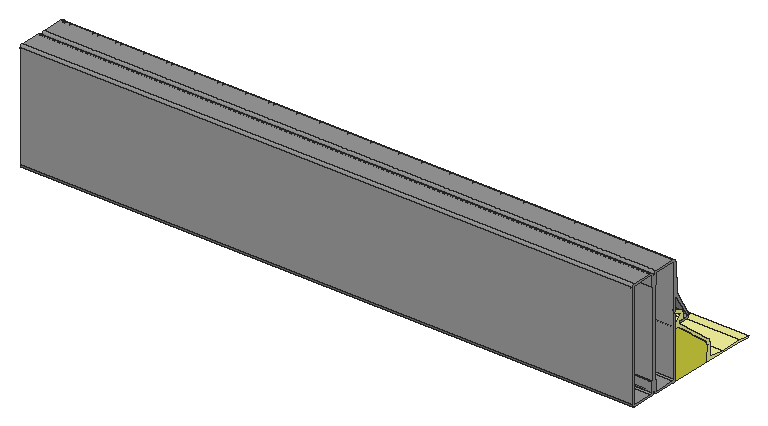
Revit family "HT HD 100", category Generic Models, Revit 2014
Parameters (values of type "Max lintel length 3600mm")
  URL = "http://www.keystonelintels.co.uk"
  Structural Opening [instance] = 900 mm
  Structural Performance = "The Keystone lintel range has safe working loads as detailed in each applicable loading table in the Keystone Lintel Guide brochure. The structural performance figures within each table have been ascertained by testing in accordance with the requirements of standards BS EN 5977-2: 1983 and BS EN 845-2: 2003."
  RIBA Productor Selector = "available for Keystone Lintels Ltd from Keystone Lintels Ltd from ribaproductselector.com"
  Model = "HT/HD 100"
  Min Length = 600 mm
  Min Clear Span = 300 mm
  Max Length = 3600 mm
  Max Clear Span = 3600 mm
  Material - Stainless Steel = "Grade 304 2b 1.4307 to BS EN 10088-2. Other grades available on request: contact manufacturer."
  Material - Galvanised Steel = "To BS EN 10346: 2009. DX51D plus Z600 or grade Z275 to BS 5977-2: 1983 (BS EN 845-2: 2003)."
  Manufacturer = "Keystone"
  Manufactured Length [instance] = (roundup(Effective Length / 150 mm) * 150 mm)  # 1200 mm
  Lintel height [instance] = 2100 mm
  Keynote = "F30/755"
  Fire Performance = "Keystone lintels have been subjected to a fire test (WARRES No. 101263) in accordance with BS 476-20: 1987, at Exova Warrington Fire and achieved a one hour fire performance."
  End Bearing = 150 mm
  Effective Length [instance] = Clear Opening with MIN MAX set + End Bearing * 2  # 1200 mm
  Corrosion = "Keystone’s standard range of lintels are manufactured from high quality grade pre-galvanized carbon steel with a zinc coating of 600"
  Contact Tel = "+44 (0)28 8676 2184"
  Contact Email = "info@keystonelintels.co.uk"
  Clear Opening with MIN MAX set [instance] = if(Structural Opening < Min Clear Span, Min Clear Span, (if(Structural Opening > Max Clear Span, Max Clear Span, Structural Opening)))  # 900 mm
  CPD Information = "Available for Keystone Lintels Ltd from ribacpd.com"
Reference planes
  plane 1 "Center (Front/Back)": y = 0
  plane 2: z = 0
  plane 3 "Center (Left/Right)": x = 0
  plane 4: x = -600
  plane 5: x = 600
  plane 6: z = 2100
  plane 7: x = -450
  plane 8: x = 450
Forms (mm)
  Extrusion 1, solid, material "GRP"
    sketch origin (0, 712.668, -503.754) x (0, 1, 0) y (0, 0, 1)
      loop
        line (-575.339, 2601.778) -> (-575.049, 2604.764) -> (-595.547, 2606.754) -> (-637.132, 2606.806) -> (-667.822, 2610.213)
        arc (-667.822, 2610.213) -> (-669.753, 2611.183) -> (-670.531, 2613.199) r 3
        line (-670.531, 2613.199) -> (-670.531, 2636.479)
        arc (-670.531, 2636.479) -> (-671.494, 2640.76) -> (-674.196, 2644.217) r 10
        line (-674.196, 2644.217) -> (-743.448, 2700.913)
        arc (-743.448, 2700.913) -> (-744, 2701.507) -> (-744.373, 2702.226) r 3
        line (-744.373, 2702.226) -> (-744.373, 2706.235) -> (-736.412, 2706.235) -> (-736.412, 2716.659)
        arc (-736.412, 2716.659) -> (-737.446, 2720.32) -> (-740.242, 2722.9) r 7
        line (-740.242, 2722.9) -> (-753.858, 2729.817)
        arc (-753.858, 2729.817) -> (-754.914, 2729.722) -> (-755.291, 2728.73) r 1
        line (-755.291, 2728.73) -> (-754.331, 2723.888) -> (-745.096, 2719.197)
        arc (-745.096, 2719.197) -> (-743.229, 2716.651) -> (-744.171, 2713.638) r 3.5
        line (-744.171, 2713.638) -> (-753.331, 2704.206) -> (-753.331, 2698.614)
        arc (-753.331, 2698.614) -> (-752.745, 2697.2) -> (-751.331, 2696.614) r 2
        line (-751.331, 2696.614) -> (-746.756, 2696.614)
        arc (-746.756, 2696.614) -> (-712.668, 2670.555) -> (-680.612, 2642.034) r 576.819
        arc (-680.612, 2642.034) -> (-675.743, 2634.81) -> (-674.509, 2626.186) r 19.484
        line (-674.509, 2626.186) -> (-675.549, 2613.701) -> (-675.549, 2606.754)
        arc (-675.549, 2606.754) -> (-677.085, 2605.254) -> (-675.549, 2603.754) r 1.5
        line (-675.549, 2603.754) -> (-595.692, 2603.754) -> (-575.339, 2601.778)
    from -600 to 600
  Extrusion 2, solid, material "Steel"
    sketch origin (0, 712.665, -503.747) x (0, 1, 0) y (0, 0, 1)
      loop
        arc (-758.922, 2603.771) -> (-755.393, 2605.232) -> (-753.931, 2608.761) r 4.991
        line (-753.931, 2608.761) -> (-753.931, 2756.658) -> (-724.798, 2709.098)
        arc (-724.798, 2709.098) -> (-724.625, 2706.006) -> (-727.277, 2704.408) r 3
        line (-727.277, 2704.408) -> (-734.041, 2704.408) -> (-744.041, 2704.408) -> (-744.041, 2701.907) -> (-734.041, 2701.907) -> (-727.28, 2701.907)
        arc (-727.28, 2701.907) -> (-722.433, 2704.806) -> (-722.695, 2710.448) r 5.501
        line (-722.695, 2710.448) -> (-751.425, 2757.6) -> (-751.425, 2785.347) -> (-753.923, 2785.347) -> (-753.923, 2813.708)
        arc (-753.923, 2813.708) -> (-755.388, 2817.246) -> (-758.927, 2818.712) r 5.004
        line (-758.927, 2818.712) -> (-799.977, 2818.712)
        arc (-799.977, 2818.712) -> (-803.506, 2817.25) -> (-804.968, 2813.721) r 4.991
        line (-804.968, 2813.721) -> (-807.88, 2813.721)
        arc (-807.88, 2813.721) -> (-809.342, 2817.25) -> (-812.872, 2818.712) r 4.991
        line (-812.872, 2818.712) -> (-853.922, 2818.712)
        arc (-853.922, 2818.712) -> (-857.461, 2817.246) -> (-858.926, 2813.707) r 5.004
        line (-858.926, 2813.707) -> (-858.926, 2608.751)
        arc (-858.926, 2608.751) -> (-857.461, 2605.213) -> (-853.922, 2603.747) r 5.004
        line (-853.922, 2603.747) -> (-812.872, 2603.747)
        arc (-812.872, 2603.747) -> (-809.324, 2605.227) -> (-807.88, 2608.79) r 4.992
        line (-807.88, 2608.79) -> (-804.987, 2608.79)
        arc (-804.987, 2608.79) -> (-803.517, 2605.241) -> (-799.967, 2603.771) r 5.02
        line (-799.967, 2603.771) -> (-758.922, 2603.771)
      loop
        arc (-758.925, 2606.254) -> (-757.158, 2606.986) -> (-756.425, 2608.754) r 2.5
        line (-756.425, 2608.754) -> (-756.425, 2813.704)
        arc (-756.425, 2813.704) -> (-757.158, 2815.472) -> (-758.925, 2816.204) r 2.5
        line (-758.925, 2816.204) -> (-799.974, 2816.204)
        arc (-799.974, 2816.204) -> (-801.742, 2815.472) -> (-802.474, 2813.704) r 2.5
        line (-802.474, 2813.704) -> (-802.474, 2794.704) -> (-804.974, 2794.704) -> (-804.974, 2627.754) -> (-802.474, 2627.754) -> (-802.474, 2608.754)
        arc (-802.474, 2608.754) -> (-801.742, 2606.986) -> (-799.974, 2606.254) r 2.5
        line (-799.974, 2606.254) -> (-758.925, 2606.254)
      loop
        line (-807.874, 2794.704) -> (-810.374, 2794.704) -> (-810.374, 2813.704)
        arc (-810.374, 2813.704) -> (-811.106, 2815.472) -> (-812.874, 2816.204) r 2.5
        line (-812.874, 2816.204) -> (-853.923, 2816.204)
        arc (-853.923, 2816.204) -> (-855.691, 2815.472) -> (-856.423, 2813.704) r 2.5
        line (-856.423, 2813.704) -> (-856.423, 2608.754)
        arc (-856.423, 2608.754) -> (-855.691, 2606.986) -> (-853.923, 2606.254) r 2.5
        line (-853.923, 2606.254) -> (-812.874, 2606.254)
        arc (-812.874, 2606.254) -> (-811.106, 2606.986) -> (-810.374, 2608.754) r 2.5
        line (-810.374, 2608.754) -> (-810.374, 2627.754) -> (-807.874, 2627.754) -> (-807.874, 2794.704)
    from -600 to 600
  Extrusion 3, solid, material "Insulation"
    sketch origin (0, 712.668, -503.754) x (0, 1, 0) y (0, 0, 1)
      loop
        line (-758.925, 2603.754) -> (-675.549, 2603.754)
        arc (-675.549, 2603.754) -> (-677.085, 2605.254) -> (-675.549, 2606.754) r 1.5
        line (-675.549, 2606.754) -> (-675.549, 2613.701) -> (-674.509, 2626.186)
        arc (-674.509, 2626.186) -> (-675.743, 2634.81) -> (-680.612, 2642.034) r 19.484
        arc (-680.612, 2642.034) -> (-712.668, 2670.555) -> (-746.756, 2696.614) r 576.819
        line (-746.756, 2696.614) -> (-753.925, 2696.614) -> (-753.925, 2608.754)
        arc (-753.925, 2608.754) -> (-755.39, 2605.218) -> (-758.925, 2603.754) r 5
    from -600 to 600
  Extrusion 4, solid, not visible
    sketch origin (0, 835.621, 1226.422) x (0, 1, 0) y (0, 0, 1)
      loop
        line (-575.339, 1001.778) -> (-575.049, 1004.764) -> (-595.547, 1006.754) -> (-637.132, 1006.806) -> (-667.822, 1010.213)
        arc (-667.822, 1010.213) -> (-669.753, 1011.183) -> (-670.531, 1013.199) r 3
        line (-670.531, 1013.199) -> (-670.531, 1036.479)
        arc (-670.531, 1036.479) -> (-671.494, 1040.76) -> (-674.196, 1044.217) r 10
        line (-674.196, 1044.217) -> (-743.448, 1100.913)
        arc (-743.448, 1100.913) -> (-744, 1101.507) -> (-744.373, 1102.226) r 3
        line (-744.373, 1102.226) -> (-744.373, 1106.235) -> (-736.412, 1106.235) -> (-736.412, 1116.659)
        arc (-736.412, 1116.659) -> (-737.446, 1120.32) -> (-740.242, 1122.9) r 7
        line (-740.242, 1122.9) -> (-753.858, 1129.817)
        arc (-753.858, 1129.817) -> (-754.914, 1129.722) -> (-755.291, 1128.73) r 1
        line (-755.291, 1128.73) -> (-754.331, 1123.888) -> (-745.096, 1119.197)
        arc (-745.096, 1119.197) -> (-743.229, 1116.651) -> (-744.171, 1113.638) r 3.5
        line (-744.171, 1113.638) -> (-753.331, 1104.206) -> (-753.331, 1098.614)
        arc (-753.331, 1098.614) -> (-752.745, 1097.2) -> (-751.331, 1096.614) r 2
        line (-751.331, 1096.614) -> (-746.756, 1096.614)
        arc (-746.756, 1096.614) -> (-712.668, 1070.555) -> (-680.612, 1042.034) r 576.819
        arc (-680.612, 1042.034) -> (-675.743, 1034.81) -> (-674.509, 1026.186) r 19.484
        line (-674.509, 1026.186) -> (-675.549, 1013.701) -> (-675.549, 1006.754)
        arc (-675.549, 1006.754) -> (-677.085, 1005.254) -> (-675.549, 1003.754) r 1.5
        line (-675.549, 1003.754) -> (-595.692, 1003.754) -> (-575.339, 1001.778)
    from 0 to 250
  Extrusion 5, solid, not visible
    sketch origin (0, 630.944, 1178.36) x (0, 1, 0) y (0, 0, 1)
      loop
        arc (-758.922, 1003.771) -> (-755.393, 1005.232) -> (-753.931, 1008.761) r 4.991
        line (-753.931, 1008.761) -> (-753.931, 1156.658) -> (-724.798, 1109.098)
        arc (-724.798, 1109.098) -> (-724.625, 1106.006) -> (-727.277, 1104.408) r 3
        line (-727.277, 1104.408) -> (-734.041, 1104.408) -> (-744.041, 1104.408) -> (-744.041, 1101.907) -> (-734.041, 1101.907) -> (-727.28, 1101.907)
        arc (-727.28, 1101.907) -> (-722.433, 1104.806) -> (-722.695, 1110.448) r 5.501
        line (-722.695, 1110.448) -> (-751.425, 1157.6) -> (-751.425, 1185.347) -> (-753.923, 1185.347) -> (-753.923, 1213.708)
        arc (-753.923, 1213.708) -> (-755.388, 1217.246) -> (-758.927, 1218.712) r 5.004
        line (-758.927, 1218.712) -> (-799.977, 1218.712)
        arc (-799.977, 1218.712) -> (-803.506, 1217.25) -> (-804.968, 1213.721) r 4.991
        line (-804.968, 1213.721) -> (-807.88, 1213.721)
        arc (-807.88, 1213.721) -> (-809.342, 1217.25) -> (-812.872, 1218.712) r 4.991
        line (-812.872, 1218.712) -> (-853.922, 1218.712)
        arc (-853.922, 1218.712) -> (-857.461, 1217.246) -> (-858.926, 1213.707) r 5.004
        line (-858.926, 1213.707) -> (-858.926, 1008.751)
        arc (-858.926, 1008.751) -> (-857.461, 1005.213) -> (-853.922, 1003.747) r 5.004
        line (-853.922, 1003.747) -> (-812.872, 1003.747)
        arc (-812.872, 1003.747) -> (-809.324, 1005.227) -> (-807.88, 1008.79) r 4.992
        line (-807.88, 1008.79) -> (-804.987, 1008.79)
        arc (-804.987, 1008.79) -> (-803.517, 1005.241) -> (-799.967, 1003.771) r 5.02
        line (-799.967, 1003.771) -> (-758.922, 1003.771)
      loop
        arc (-758.925, 1006.254) -> (-757.158, 1006.986) -> (-756.425, 1008.754) r 2.5
        line (-756.425, 1008.754) -> (-756.425, 1213.704)
        arc (-756.425, 1213.704) -> (-757.158, 1215.472) -> (-758.925, 1216.204) r 2.5
        line (-758.925, 1216.204) -> (-799.974, 1216.204)
        arc (-799.974, 1216.204) -> (-801.742, 1215.472) -> (-802.474, 1213.704) r 2.5
        line (-802.474, 1213.704) -> (-802.474, 1194.704) -> (-804.974, 1194.704) -> (-804.974, 1027.754) -> (-802.474, 1027.754) -> (-802.474, 1008.754)
        arc (-802.474, 1008.754) -> (-801.742, 1006.986) -> (-799.974, 1006.254) r 2.5
        line (-799.974, 1006.254) -> (-758.925, 1006.254)
      loop
        line (-807.874, 1194.704) -> (-810.374, 1194.704) -> (-810.374, 1213.704)
        arc (-810.374, 1213.704) -> (-811.106, 1215.472) -> (-812.874, 1216.204) r 2.5
        line (-812.874, 1216.204) -> (-853.923, 1216.204)
        arc (-853.923, 1216.204) -> (-855.691, 1215.472) -> (-856.423, 1213.704) r 2.5
        line (-856.423, 1213.704) -> (-856.423, 1008.754)
        arc (-856.423, 1008.754) -> (-855.691, 1006.986) -> (-853.923, 1006.254) r 2.5
        line (-853.923, 1006.254) -> (-812.874, 1006.254)
        arc (-812.874, 1006.254) -> (-811.106, 1006.986) -> (-810.374, 1008.754) r 2.5
        line (-810.374, 1008.754) -> (-810.374, 1027.754) -> (-807.874, 1027.754) -> (-807.874, 1194.704)
    from 0 to 250
  Extrusion 6, solid, not visible
    sketch origin (0, 942.122, 867.671) x (0, 1, 0) y (0, 0, 1)
      loop
        line (-758.925, 1003.754) -> (-675.549, 1003.754)
        arc (-675.549, 1003.754) -> (-677.085, 1005.254) -> (-675.549, 1006.754) r 1.5
        line (-675.549, 1006.754) -> (-675.549, 1013.701) -> (-674.509, 1026.186)
        arc (-674.509, 1026.186) -> (-675.743, 1034.81) -> (-680.612, 1042.034) r 19.484
        arc (-680.612, 1042.034) -> (-712.668, 1070.555) -> (-746.756, 1096.614) r 576.819
        line (-746.756, 1096.614) -> (-753.925, 1096.614) -> (-753.925, 1008.754)
        arc (-753.925, 1008.754) -> (-755.39, 1005.218) -> (-758.925, 1003.754) r 5
    from 0 to 250
Dimensions and locks
  equal spacing: plane 4, plane 3 "Center (Left/Right)", plane 5
  "Manufactured Length": plane 4 to plane 5
  "Lintel height": plane 6 to level
  "Structural Opening": plane 7 to plane 8
  equal spacing: plane 7, plane 3 "Center (Left/Right)", plane 8
  aligned and locked: level to plane 2
  aligned and locked: Extrusion 1 to plane 6
  aligned and locked: Extrusion 3 to plane 6
  aligned and locked: Extrusion 2 to plane 6
  aligned and locked: plane 5 to Extrusion 2
  aligned and locked: Extrusion 2 to plane 4
  aligned and locked: plane 5 to Extrusion 1
  aligned and locked: Extrusion 1 to plane 4
  aligned and locked: plane 5 to Extrusion 3
  aligned and locked: Extrusion 3 to plane 4
Automatic sketch dimensions
  Extrusion 1 sketch curve to Extrusion 1 sketch curve = 20.353 mm
  Extrusion 1 sketch curve to Extrusion 1 sketch curve = 0.29 mm
  Extrusion 1 sketch curve to Extrusion 1 sketch curve = 1.976 mm
  Extrusion 1 sketch curve to Extrusion 1 sketch curve = 2.986 mm  (x2)
  Extrusion 1 sketch curve to Extrusion 1 sketch curve = 0.145 mm
  Extrusion 1 sketch curve to Extrusion 1 sketch curve = 3 mm
  Extrusion 1 sketch curve to Extrusion 1 sketch curve = 41.44 mm
  Extrusion 1 sketch curve to Extrusion 1 sketch curve = 3.052 mm
  Extrusion 1 sketch curve to Extrusion 1 sketch curve = 38.418 mm
  Extrusion 1 sketch curve to Extrusion 1 sketch curve = 7.727 mm
  Extrusion 1 sketch curve to Extrusion 1 sketch curve = 6.459 mm
  Extrusion 1 sketch curve to Extrusion 1 sketch curve = 0.035 mm  (x2)
  Extrusion 1 sketch curve to Extrusion 1 sketch curve = 1.5 mm
  Extrusion 1 sketch curve to Extrusion 1 sketch curve = 6.948 mm
  Extrusion 1 sketch curve to Extrusion 1 sketch curve = 0.291 mm
  Extrusion 1 sketch curve to Extrusion 1 sketch curve = 23.281 mm
  Extrusion 1 sketch curve to Extrusion 1 sketch curve = 3.978 mm
  Extrusion 1 sketch curve to Extrusion 1 sketch curve = 10.293 mm
  Extrusion 1 sketch curve to Extrusion 1 sketch curve = 19.416 mm
  Extrusion 1 sketch curve to Extrusion 1 sketch curve = 1.622 mm
  Extrusion 1 sketch curve to Extrusion 1 sketch curve = 10.081 mm
  Extrusion 1 sketch curve to Extrusion 1 sketch curve = 0.081 mm
  Extrusion 1 sketch curve to Extrusion 1 sketch curve = 6.415 mm
  Extrusion 1 sketch curve to Extrusion 1 sketch curve = 404.24 mm
  Extrusion 1 sketch curve to Extrusion 1 sketch curve = 378.106 mm
  Extrusion 1 sketch curve to Extrusion 1 sketch curve = 66.145 mm
  Extrusion 1 sketch curve to Extrusion 1 sketch curve = 3.308 mm
  Extrusion 1 sketch curve to Extrusion 1 sketch curve = 4.3 mm
  Extrusion 1 sketch curve to Extrusion 1 sketch curve = 4.575 mm
  Extrusion 1 sketch curve to Extrusion 1 sketch curve = 2 mm
  Extrusion 1 sketch curve to Extrusion 1 sketch curve = 5.592 mm
  Extrusion 1 sketch curve to Extrusion 1 sketch curve = 0.722 mm
  Extrusion 1 sketch curve to Extrusion 1 sketch curve = 12.724 mm
  Extrusion 1 sketch curve to Extrusion 1 sketch curve = 0.925 mm
  Extrusion 1 sketch curve to Extrusion 1 sketch curve = 5.321 mm
  Extrusion 1 sketch curve to Extrusion 1 sketch curve = 7.961 mm
  Extrusion 1 sketch curve to Extrusion 1 sketch curve = 1.312 mm
  Extrusion 1 sketch curve to Extrusion 1 sketch curve = 3.021 mm
  Extrusion 1 sketch curve to Extrusion 1 sketch curve = 2.511 mm
  Extrusion 1 sketch curve to Extrusion 1 sketch curve = 2.438 mm
  Extrusion 1 sketch curve to Extrusion 1 sketch curve = 1.585 mm
  Extrusion 1 sketch curve to Extrusion 1 sketch curve = 9.235 mm
  Extrusion 1 sketch curve to Extrusion 1 sketch curve = 4.691 mm
  Extrusion 1 sketch curve to Extrusion 1 sketch curve = 1.684 mm
  Extrusion 1 sketch curve to Extrusion 1 sketch curve = 4.854 mm
  Extrusion 1 sketch curve to Extrusion 1 sketch curve = 0.474 mm
  Extrusion 1 sketch curve to Extrusion 1 sketch curve = 5.928 mm
  Extrusion 1 sketch curve to Extrusion 1 sketch curve = 1.434 mm
  Extrusion 1 sketch curve to Extrusion 1 sketch curve = 1.086 mm
  Extrusion 1 sketch curve to Extrusion 1 sketch curve = 0.981 mm
  Extrusion 1 sketch curve to Extrusion 1 sketch curve = 2.825 mm
  Extrusion 2 sketch curve to Extrusion 2 sketch curve = 0.003 mm  (x8)
  Extrusion 2 sketch curve to Extrusion 2 sketch curve = 0.015 mm
  Extrusion 2 sketch curve to Extrusion 2 sketch curve = 0.001 mm  (x3)
  Extrusion 2 sketch curve to Extrusion 2 sketch curve = 0 mm  (x5)
  Extrusion 2 sketch curve to Extrusion 2 sketch curve = 2.503 mm
  Extrusion 2 sketch curve to Extrusion 2 sketch curve = 2.501 mm
  Extrusion 2 sketch curve to Extrusion 2 sketch curve = 2.5 mm  (x8)
  Extrusion 2 sketch curve to Extrusion 2 sketch curve = 41.049 mm  (x2)
  Extrusion 2 sketch curve to Extrusion 2 sketch curve = 2.497 mm  (x2)
  Extrusion 2 sketch curve to Extrusion 2 sketch curve = 2.9 mm
  Extrusion 2 sketch curve to Extrusion 2 sketch curve = 2.507 mm
  Extrusion 2 sketch curve to Extrusion 2 sketch curve = 41.052 mm
  Extrusion 2 sketch curve to Extrusion 2 sketch curve = 41.05 mm
  Extrusion 2 sketch curve to Extrusion 2 sketch curve = 7.385 mm
  Extrusion 2 sketch curve to Extrusion 2 sketch curve = 10 mm
  Extrusion 2 sketch curve to Extrusion 2 sketch curve = 6.764 mm
  Extrusion 2 sketch curve to Extrusion 2 sketch curve = 2.481 mm
  Extrusion 2 sketch curve to Extrusion 2 sketch curve = 2.103 mm
  Extrusion 2 sketch curve to Extrusion 2 sketch curve = 0.036 mm  (x2)
  Extrusion 2 sketch curve to Extrusion 2 sketch curve = 19 mm
  Extrusion 2 sketch curve to Extrusion 2 sketch curve = 93.146 mm
  Extrusion 2 sketch curve to Extrusion 2 sketch curve = 1.69 mm
  Extrusion 2 sketch curve to Extrusion 2 sketch curve = 1.35 mm
  Extrusion 2 sketch curve to Extrusion 2 sketch curve = 53.192 mm
  Extrusion 2 sketch curve to Extrusion 2 sketch curve = 37.105 mm
  Extrusion 2 sketch curve to Extrusion 2 sketch curve = 19.016 mm
  Extrusion 2 sketch curve to Extrusion 2 sketch curve = 0.941 mm
  Extrusion 2 sketch curve to Extrusion 2 sketch curve = 27.747 mm
  Extrusion 2 sketch curve to Extrusion 2 sketch curve = 0.008 mm
  Extrusion 2 sketch curve to Extrusion 2 sketch curve = 0.016 mm  (x2)
  Extrusion 2 sketch curve to Extrusion 2 sketch curve = 2.506 mm
  Extrusion 2 sketch curve to Extrusion 2 sketch curve = 0.007 mm
  Extrusion 2 sketch curve to Extrusion 2 sketch curve = 2.494 mm
  Extrusion 3 sketch curve to Extrusion 3 sketch curve = 0.035 mm  (x2)
  Extrusion 3 sketch curve to Extrusion 3 sketch curve = 1.5 mm
  Extrusion 3 sketch curve to Extrusion 3 sketch curve = 6.948 mm
  Extrusion 3 sketch curve to Extrusion 3 sketch curve = 1.04 mm
  Extrusion 3 sketch curve to Extrusion 3 sketch curve = 12.485 mm
  Extrusion 3 sketch curve to Extrusion 3 sketch curve = 19.416 mm
  Extrusion 3 sketch curve to Extrusion 3 sketch curve = 1.622 mm
  Extrusion 3 sketch curve to Extrusion 3 sketch curve = 6.103 mm
  Extrusion 3 sketch curve to Extrusion 3 sketch curve = 320.864 mm
  Extrusion 3 sketch curve to Extrusion 3 sketch curve = 378.106 mm
  Extrusion 3 sketch curve to Extrusion 3 sketch curve = 66.145 mm
  Extrusion 3 sketch curve to Extrusion 3 sketch curve = 7.169 mm
  Extrusion 3 sketch curve to Extrusion 3 sketch curve = 0 mm
  Extrusion 3 sketch curve to Extrusion 3 sketch curve = 5 mm  (x2)
  Extrusion 4 sketch curve to Extrusion 4 sketch curve = 20.353 mm
  Extrusion 4 sketch curve to Extrusion 4 sketch curve = 0.29 mm
  Extrusion 4 sketch curve to Extrusion 4 sketch curve = 1.976 mm
  Extrusion 4 sketch curve to Extrusion 4 sketch curve = 2.986 mm  (x2)
  Extrusion 4 sketch curve to Extrusion 4 sketch curve = 0.145 mm
  Extrusion 4 sketch curve to Extrusion 4 sketch curve = 3 mm
  Extrusion 4 sketch curve to Extrusion 4 sketch curve = 41.44 mm
  Extrusion 4 sketch curve to Extrusion 4 sketch curve = 3.052 mm
  Extrusion 4 sketch curve to Extrusion 4 sketch curve = 38.418 mm
  Extrusion 4 sketch curve to Extrusion 4 sketch curve = 7.727 mm
  Extrusion 4 sketch curve to Extrusion 4 sketch curve = 6.459 mm
  Extrusion 4 sketch curve to Extrusion 4 sketch curve = 0.035 mm  (x2)
  Extrusion 4 sketch curve to Extrusion 4 sketch curve = 1.5 mm
  Extrusion 4 sketch curve to Extrusion 4 sketch curve = 6.948 mm
  Extrusion 4 sketch curve to Extrusion 4 sketch curve = 0.291 mm
  Extrusion 4 sketch curve to Extrusion 4 sketch curve = 23.281 mm
  Extrusion 4 sketch curve to Extrusion 4 sketch curve = 3.978 mm
  Extrusion 4 sketch curve to Extrusion 4 sketch curve = 10.293 mm
  Extrusion 4 sketch curve to Extrusion 4 sketch curve = 19.416 mm
  Extrusion 4 sketch curve to Extrusion 4 sketch curve = 1.622 mm
  Extrusion 4 sketch curve to Extrusion 4 sketch curve = 10.081 mm
  Extrusion 4 sketch curve to Extrusion 4 sketch curve = 0.081 mm
  Extrusion 4 sketch curve to Extrusion 4 sketch curve = 6.415 mm
  Extrusion 4 sketch curve to Extrusion 4 sketch curve = 404.24 mm
  Extrusion 4 sketch curve to Extrusion 4 sketch curve = 378.106 mm
  Extrusion 4 sketch curve to Extrusion 4 sketch curve = 66.145 mm
  Extrusion 4 sketch curve to Extrusion 4 sketch curve = 3.308 mm
  Extrusion 4 sketch curve to Extrusion 4 sketch curve = 4.3 mm
  Extrusion 4 sketch curve to Extrusion 4 sketch curve = 4.575 mm
  Extrusion 4 sketch curve to Extrusion 4 sketch curve = 2 mm
  Extrusion 4 sketch curve to Extrusion 4 sketch curve = 5.592 mm
  Extrusion 4 sketch curve to Extrusion 4 sketch curve = 0.722 mm
  Extrusion 4 sketch curve to Extrusion 4 sketch curve = 12.724 mm
  Extrusion 4 sketch curve to Extrusion 4 sketch curve = 0.925 mm
  Extrusion 4 sketch curve to Extrusion 4 sketch curve = 5.321 mm
  Extrusion 4 sketch curve to Extrusion 4 sketch curve = 7.961 mm
  Extrusion 4 sketch curve to Extrusion 4 sketch curve = 1.312 mm
  Extrusion 4 sketch curve to Extrusion 4 sketch curve = 3.021 mm
  Extrusion 4 sketch curve to Extrusion 4 sketch curve = 2.511 mm
  Extrusion 4 sketch curve to Extrusion 4 sketch curve = 2.438 mm
  Extrusion 4 sketch curve to Extrusion 4 sketch curve = 1.585 mm
  Extrusion 4 sketch curve to Extrusion 4 sketch curve = 9.235 mm
  Extrusion 4 sketch curve to Extrusion 4 sketch curve = 4.691 mm
  Extrusion 4 sketch curve to Extrusion 4 sketch curve = 1.684 mm
  Extrusion 4 sketch curve to Extrusion 4 sketch curve = 4.854 mm
  Extrusion 4 sketch curve to Extrusion 4 sketch curve = 0.474 mm
  Extrusion 4 sketch curve to Extrusion 4 sketch curve = 5.928 mm
  Extrusion 4 sketch curve to Extrusion 4 sketch curve = 1.434 mm
  Extrusion 4 sketch curve to Extrusion 4 sketch curve = 1.086 mm
  Extrusion 4 sketch curve to Extrusion 4 sketch curve = 0.981 mm
  Extrusion 4 sketch curve to Extrusion 4 sketch curve = 2.825 mm
  Extrusion 5 sketch curve to Extrusion 5 sketch curve = 0.003 mm  (x8)
  Extrusion 5 sketch curve to Extrusion 5 sketch curve = 0.015 mm
  Extrusion 5 sketch curve to Extrusion 5 sketch curve = 0.001 mm  (x3)
  Extrusion 5 sketch curve to Extrusion 5 sketch curve = 0 mm  (x5)
  Extrusion 5 sketch curve to Extrusion 5 sketch curve = 2.503 mm
  Extrusion 5 sketch curve to Extrusion 5 sketch curve = 2.501 mm
  Extrusion 5 sketch curve to Extrusion 5 sketch curve = 2.5 mm  (x8)
  Extrusion 5 sketch curve to Extrusion 5 sketch curve = 41.049 mm  (x2)
  Extrusion 5 sketch curve to Extrusion 5 sketch curve = 2.497 mm  (x2)
  Extrusion 5 sketch curve to Extrusion 5 sketch curve = 2.9 mm
  Extrusion 5 sketch curve to Extrusion 5 sketch curve = 2.507 mm
  Extrusion 5 sketch curve to Extrusion 5 sketch curve = 41.052 mm
  Extrusion 5 sketch curve to Extrusion 5 sketch curve = 41.05 mm
  Extrusion 5 sketch curve to Extrusion 5 sketch curve = 7.385 mm
  Extrusion 5 sketch curve to Extrusion 5 sketch curve = 10 mm
  Extrusion 5 sketch curve to Extrusion 5 sketch curve = 6.764 mm
  Extrusion 5 sketch curve to Extrusion 5 sketch curve = 2.481 mm
  Extrusion 5 sketch curve to Extrusion 5 sketch curve = 2.103 mm
  Extrusion 5 sketch curve to Extrusion 5 sketch curve = 0.036 mm  (x2)
  Extrusion 5 sketch curve to Extrusion 5 sketch curve = 19 mm
  Extrusion 5 sketch curve to Extrusion 5 sketch curve = 93.146 mm
  Extrusion 5 sketch curve to Extrusion 5 sketch curve = 1.69 mm
  Extrusion 5 sketch curve to Extrusion 5 sketch curve = 1.35 mm
  Extrusion 5 sketch curve to Extrusion 5 sketch curve = 53.192 mm
  Extrusion 5 sketch curve to Extrusion 5 sketch curve = 37.105 mm
  Extrusion 5 sketch curve to Extrusion 5 sketch curve = 19.016 mm
  Extrusion 5 sketch curve to Extrusion 5 sketch curve = 0.941 mm
  Extrusion 5 sketch curve to Extrusion 5 sketch curve = 27.747 mm
  Extrusion 5 sketch curve to Extrusion 5 sketch curve = 0.008 mm
  Extrusion 5 sketch curve to Extrusion 5 sketch curve = 0.016 mm  (x2)
  Extrusion 5 sketch curve to Extrusion 5 sketch curve = 2.506 mm
  Extrusion 5 sketch curve to Extrusion 5 sketch curve = 0.007 mm
  Extrusion 5 sketch curve to Extrusion 5 sketch curve = 2.494 mm
  Extrusion 6 sketch curve to Extrusion 6 sketch curve = 0.035 mm  (x2)
  Extrusion 6 sketch curve to Extrusion 6 sketch curve = 1.5 mm
  Extrusion 6 sketch curve to Extrusion 6 sketch curve = 6.948 mm
  Extrusion 6 sketch curve to Extrusion 6 sketch curve = 1.04 mm
  Extrusion 6 sketch curve to Extrusion 6 sketch curve = 12.485 mm
  Extrusion 6 sketch curve to Extrusion 6 sketch curve = 19.416 mm
  Extrusion 6 sketch curve to Extrusion 6 sketch curve = 1.622 mm
  Extrusion 6 sketch curve to Extrusion 6 sketch curve = 6.103 mm
  Extrusion 6 sketch curve to Extrusion 6 sketch curve = 320.864 mm
  Extrusion 6 sketch curve to Extrusion 6 sketch curve = 378.106 mm
  Extrusion 6 sketch curve to Extrusion 6 sketch curve = 66.145 mm
  Extrusion 6 sketch curve to Extrusion 6 sketch curve = 7.169 mm
  Extrusion 6 sketch curve to Extrusion 6 sketch curve = 0 mm
  Extrusion 6 sketch curve to Extrusion 6 sketch curve = 5 mm  (x2)
  Extrusion 2 sketch curve to plane 6 = 0 mm
  plane 1 "Center (Front/Back)" to Extrusion 2 sketch curve = 146.261 mm
  Extrusion 3 sketch curve to plane 6 = 0 mm
  plane 1 "Center (Front/Back)" to Extrusion 3 sketch curve = 367.121 mm
  Extrusion 1 sketch curve to plane 6 = 0 mm
  plane 1 "Center (Front/Back)" to Extrusion 1 sketch curve = 367.121 mm
